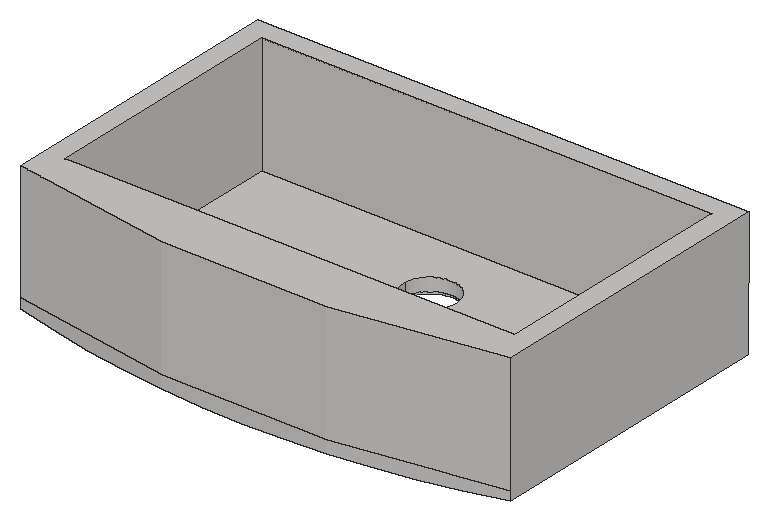
Revit family "xxSink-Single_Bowl-American_Standard-PEKOE-18SB.9332200A.075", category Plumbing Fixtures, Revit 2014
Parameters (values of type "18SB.9332200A.075")
  Width = 33"  # constant formula
  Waste Fitting 9028000.075 = yes
  Waste Connection Height = 3"
  Waste Connection Diameter = 1 1/2"  # constant formula
  Waste Connection = yes
  Warranty Information = "Limited Lifetime Warranty"  # constant formula
  Wall Distance = 1"
  WFU = 2  # constant formula
  Vent Connection = no
  Undermount Installation = not(Top Mount Installation)  # no
  URL = "https://www.americanstandard-us.com/"
  Top Mount Installation = yes
  Product Page URL = "https://www.americanstandard-us.com/kitchens/kitchen-sinks/pekoe-33x22-inch-stainless-steel-apron-sink-33067?variant=stainless-steel"
  Product Documentation Link = "https://www.americanstandard-us.com/-/media/sites/asus/files/product-specs/kitchen-sinks/2018/pekoe/specsheet-18sb9332200a.pdf?la=en"
  Price = "Prices may vary. Please consult Manufacturer Representative for most up-to-date price list."  # constant formula
  Placement Height = if(Top Mount Installation, 0", 3/4")  # 0"
  Model = "18SB.9332200A.075"  # constant formula
  Material = "Stainless Steel-American Standard-075-Satin"
  Manufacturer = "American Standard"  # constant formula
  Length = 22"  # constant formula
  Installation Type = if(Top Mount Installation, "Top Mount", "Undermount")  # "Top Mount"
  Hot Water Connection Width = Cold Water Connection Width  # 2"
  Hot Water Connection Height = Cold Water Connection Height  # 2"
  Hot Water Connection Diameter = Cold Water Connection Diameter  # 1/2"
  Height = 9"  # constant formula
  HWFU = 1.5  # constant formula
  HW Connection = yes
  Finish = Stainless Steel-American Standard-075-Satin
  Description = "Pekoe® 33 x 22 Single Bowl Apron Front Kitchen Sink 18 Gauge Stainless Steel"  # constant formula
  Default Elevation = 0"
  Cutout Width = if(Top Mount Installation, 33", 30 1/4")  # 33"
  Cutout Length = if(Top Mount Installation, 1 3/8", 0")  # 1 3/8"
  Creation Date = "2/01/2018"  # constant formula
  Cold Water Connection Width = 2"
  Cold Water Connection Height = 2"
  Cold Water Connection Diameter = 1/2"  # constant formula
  CWFU = 1.5  # constant formula
  CW Connection = yes
  Bowl Shape = "Rectangular Apron Front"  # constant formula
  Bottom Grid 7434000.075 = yes
  Assembly Code = "D2010410"
Reference planes (in)
  plane 1 "Center (Front/Back)": y = 0
  plane 2: z = 0
  plane 3 "Center (Left/Right)": x = 0
  plane 4: y = -1
  plane 5: y = -2.375
  plane 6 "waste center": y = -7.125
  plane 7: y = -18.9375
  plane 8: y = -23
  plane 9: x = -16.5
  plane 10: x = 16.5
  plane 11: x = 15.125
  plane 12: x = -15.125
  plane 13: z = 0
  plane 14: z = -8
  plane 15: z = -9
  plane 16: y = 46.0625
  plane 17: x = 0
  plane 18: z = 534.99609
  plane 19: z = -8.125
  plane 20: z = -11
  plane 21: z = -12
  plane 22: x = -2
  plane 23: x = 2
  plane 24: y = -0.03125
  plane 25: z = 0.83302
  plane 26: x = -1.75
Forms (in)
  Sweep 1, solid, material "Stainless Steel-American Standard-075-Satin" <- "Finish"
    path origin (-60.41868, -180, 0) x (-1, 0, 0) y (0, -1, 0)
      loop
        line (-43.91868, -161.0625) -> (-43.91868, -179) -> (-76.91868, -179) -> (-76.91868, -161.0625)
    profile origin (-16.5, -9.96875, 0) x (-1, 0, 0) y (0, 0, 1)
      loop
        line (0, 0) -> (-1.375, 0) -> (-1.375, -9) -> (0, -9) -> (0, 0)
  Extrusion 2, solid, material "Stainless Steel-American Standard-075-Satin" <- "Finish"
    sketch origin (-60.41868, -180, 0) x (-1, 0, 0) y (0, -1, 0)
      loop
        line (-76.91868, -161.0625) -> (-43.91868, -161.0625) -> (-43.91868, -159)
        arc (-43.91868, -159) -> (-60.41868, -157) -> (-76.91868, -159) r 69.0625
        line (-76.91868, -159) -> (-76.91868, -161.0625)
    from -9 to 0
  Extrusion 3, solid, material "Stainless Steel-American Standard-075-Satin" <- "Finish"
    sketch origin (-60.41868, -180, 0) x (-1, 0, 0) y (0, -1, 0)
      loop
        line (-43.91868, -179) -> (-43.91868, -159)
        arc (-43.91868, -159) -> (-60.41868, -157) -> (-76.91868, -159) r 69.0625
        line (-76.91868, -159) -> (-76.91868, -179) -> (-43.91868, -179)
      loop
        circle (-60.41868, -172.875) r 1.75
    from -9 to -8
  Extrusion 4, void
    sketch origin (0, 0, 0) x (1, 0, 0) y (0, 0, 1)
      loop
        arc (16.5, -8.62891) -> (0, -8.87925) -> (-16.5, -8.62891) r 543.87534
        line (-16.5, -8.62891) -> (-16.5, -9) -> (16.5, -9) -> (16.5, -8.62891)
    from 1 to 23
  Extrusion 5, solid, not visible
    sketch origin (0, 0, 0) x (1, 0, 0) y (0, 0, 1)
      loop
        circle (0, -12) r 0.75
    from 0 to 0.03125
  Extrusion 6, solid, not visible
    sketch origin (0, 0, 0) x (1, 0, 0) y (0, 0, 1)
      loop
        circle (-2, -11) r 0.25
    from 0 to 0.03125
  Extrusion 7, solid, not visible
    sketch origin (6, 0, 0) x (1, 0, 0) y (0, 0, 1)
      loop
        circle (-4, -11) r 0.25
    from 0 to 0.03125
  Extrusion 8, void
    sketch origin (-14.32573, -189.71897, -0.75) x (0, -1, 0) y (-1, 0, 0)
      loop
        line (-188.71897, 2.17427) -> (-188.71897, -30.82573) -> (-166.71897, -30.82573) -> (-166.71897, 2.17427) -> (-188.71897, 2.17427)
    from -1.58302 to 8.25
  Sweep 9, solid, material "Stainless Steel-American Standard-075-Satin" <- "Finish"
    path origin (-60.41868, -180, -9) x (-1, 0, 0) y (0, -1, 0)
      loop
        circle (-60.41868, -172.875) r 1.75
    profile origin (0, -5.375, -9) x (0, 1, 0) y (0, 0, 1)
      loop
        line (0, 0.17244) -> (0, 0) -> (0.29473, 0)
        arc (0.29473, 0) -> (0.31627, 0.00488) -> (0.3336, 0.01857) r 0.04997
        line (0.3336, 0.01857) -> (0.36265, 0.05452)
        arc (0.36265, 0.05452) -> (0.3709, 0.06928) -> (0.37375, 0.08594) r 0.05
        line (0.37375, 0.08594) -> (0.37375, 0.17244) -> (0, 0.17244)
Cuts and joins
  Extrusion 4 cuts Sweep 1
  Extrusion 4 cuts Extrusion 2
  Extrusion 4 cuts Extrusion 3
  joined: Sweep 1, Extrusion 2, Extrusion 3, Sweep 9
Lines and regions (in)
  Masking region 1
    outline origin (-60.41868, -180, 0) x (-1, 0, 0) y (0, -1, 0)
      loop
        line (-43.91868, -179) -> (-43.91868, -159)
        arc (-43.91868, -159) -> (-60.41868, -157) -> (-76.91868, -159) r 69.0625
        line (-76.91868, -159) -> (-76.91868, -179) -> (-43.91868, -179)
  symbolic lines, detail levels fine
    curve 1: circle (0, -7.125, 0) r 1.75 normal (0, 0, -1)
  symbolic lines, detail levels medium+fine
    curve 2: line (-14.7313, -2.375, -9) -> (14.7313, -2.375, -9)
    curve 3: line (-15.125, -18.5438, -9) -> (-15.125, -2.7687, -9)
    curve 4: line (14.7313, -18.9375, -9) -> (-14.7313, -18.9375, -9)
    curve 5: line (15.125, -2.7687, -9) -> (15.125, -18.5438, -9)
    curve 6: arc (-14.7313, -2.375, -9) -> (-15.00969, -2.49031, -9) -> (-15.125, -2.7687, -9) r 0.3937
    curve 7: arc (-15.125, -18.5438, -9) -> (-15.00969, -18.82219, -9) -> (-14.7313, -18.9375, -9) r 0.3937
    curve 8: arc (14.7313, -18.9375, -9) -> (15.00969, -18.82219, -9) -> (15.125, -18.5438, -9) r 0.3937
    curve 9: arc (15.125, -2.7687, -9) -> (15.00969, -2.49031, -9) -> (14.7313, -2.375, -9) r 0.3937
Dimensions and locks (in)
  locked: plane 6 "waste center" to plane 5 at 4.75
  locked: plane 7 to plane 5 at 16.5625
  "Length": plane 8 to plane 4
  locked: plane 12 to plane 11 at 30.25
  "Width": plane 9 to plane 10
  "Placement Height": level to plane 13
  locked: plane 13 to plane 14 at 8
  "Height": plane 13 to plane 15
  "Wall Distance": plane 4 to plane 1 "Center (Front/Back)"
  locked: plane 5 to plane 4 at 1.375
  equal spacing: plane 9, plane 3 "Center (Left/Right)", plane 10
  equal spacing: plane 23, plane 3 "Center (Left/Right)", plane 22
  "Cold Water Connection Height": plane 15 to plane 20
  "Waste Connection Height": plane 15 to plane 21
  "Cold Water Connection Width": plane 3 "Center (Left/Right)" to plane 22
  locked: plane 24 to plane 1 "Center (Front/Back)" at 0.03125
  locked: plane 25 to level at 0.83302
  locked: plane 19 to plane 15 at 0.875
  locked: plane 16 to plane 5 at 48.4375
  locked: plane 3 "Center (Left/Right)" to plane 26 at 1.75
  "Cutout Width": Extrusion 8 sketch curve to Extrusion 8 sketch curve
  equal spacing: Extrusion 8 sketch curve, plane 3 "Center (Left/Right)", Extrusion 8 sketch curve
  "Cutout Length": plane 5 to Extrusion 8 sketch curve
  aligned and locked: plane 9 to Sweep 1 sketch curve  (x2)
  aligned and locked: plane 4 to Sweep 1 sketch curve
  aligned and locked: Sweep 1 sketch curve to plane 10
  aligned and locked: plane 13 to Sweep 1 sketch curve
  aligned and locked: plane 12 to Sweep 1 sketch curve
  aligned and locked: Extrusion 2 sketch curve to plane 7
  aligned and locked: Extrusion 2 sketch curve to plane 9
  aligned and locked: Extrusion 2 sketch curve to plane 10
  aligned and locked: Extrusion 2 sketch curve to Extrusion 2 sketch curve
  aligned and locked: plane 13 to Extrusion 2
  aligned and locked: plane 3 "Center (Left/Right)" to Extrusion 2 sketch curve
  aligned and locked: plane 16 to Extrusion 2 sketch curve
  aligned and locked: Extrusion 2 to Sweep 1
  aligned and locked: plane 15 to Sweep 1 sketch curve
  aligned and locked: Extrusion 3 to plane 15
  aligned and locked: plane 14 to Extrusion 3
  aligned and locked: Extrusion 4 sketch curve to plane 10
  aligned and locked: Extrusion 4 sketch curve to plane 9
  aligned and locked: Extrusion 4 sketch curve to plane 15
  aligned and locked: plane 18 to Extrusion 4 sketch curve
  aligned and locked: plane 17 to Extrusion 4 sketch curve
  aligned and locked: plane 8 to Extrusion 4
  aligned and locked: plane 3 "Center (Left/Right)" to Extrusion 3 sketch curve
  aligned and locked: plane 6 "waste center" to Extrusion 3 sketch curve
  aligned and locked: Extrusion 4 to plane 4
  aligned and locked: plane 10 to Extrusion 2
  aligned and locked: plane 3 "Center (Left/Right)" to Extrusion 5 sketch curve
  aligned and locked: plane 21 to Extrusion 5 sketch curve
  aligned and locked: plane 22 to Extrusion 6 sketch curve
  aligned and locked: plane 20 to Extrusion 6 sketch curve
  aligned and locked: plane 23 to Extrusion 7 sketch curve
  aligned and locked: plane 20 to Extrusion 7 sketch curve
  aligned and locked: plane 24 to Extrusion 6
  aligned and locked: Extrusion 6 to Extrusion 5
  aligned and locked: Extrusion 5 to Extrusion 7
  aligned and locked: Extrusion 8 to plane 25
  aligned and locked: Extrusion 8 to plane 15
Automatic sketch dimensions
  plane 7 to Sweep 1 sketch curve = 0"  (x2)
  Extrusion 2 sketch curve to plane 8 = 2"
  plane 4 to Extrusion 3 sketch curve = 0"
  Extrusion 3 sketch curve to plane 10 = 0"
  Extrusion 3 sketch curve to plane 3 "Center (Left/Right)" = 0"
  Extrusion 3 sketch curve to plane 9 = 0"
  Extrusion 3 sketch curve to plane 1 "Center (Front/Back)" = 46 1/16"
  Extrusion 3 sketch curve to plane 8 = 2"
  Extrusion 4 sketch curve to Extrusion 4 sketch curve = 95/256"
  curve 1 to plane 3 "Center (Left/Right)" = 0"
  plane 6 "waste center" to curve 1 = 0"
  plane 4 to Masking region 1 sketch curve = 0"
  Masking region 1 sketch curve to plane 10 = 0"
  Masking region 1 sketch curve to plane 3 "Center (Left/Right)" = 0"
  Masking region 1 sketch curve to plane 9 = 0"
  Masking region 1 sketch curve to plane 1 "Center (Front/Back)" = 46 1/16"
  Masking region 1 sketch curve to plane 8 = 2"
  Sweep 9 sketch curve to plane 3 "Center (Left/Right)" = 0"
  plane 6 "waste center" to Sweep 9 sketch curve = 0"
  Sweep 9 sketch curve to plane 15 = 0"
  Sweep 9 sketch curve to profile plane = 0"
  Sweep 9 sketch curve to Sweep 9 sketch curve = 0.29473"
  Sweep 9 sketch curve to Sweep 9 sketch curve = 0.02902"
  plane 15 to Sweep 9 sketch curve = 0.01857"
  Sweep 9 sketch curve to Sweep 9 sketch curve = 0.03887"
  plane 15 to Sweep 9 sketch curve = 0.05452"
  Sweep 9 sketch curve to Sweep 9 sketch curve = 0.02904"
  Sweep 9 sketch curve to Sweep 9 sketch curve = 0.05"
  Sweep 9 sketch curve to Sweep 9 sketch curve = 0.0865"
  curve 5 to plane 11 = 0"
  plane 7 to curve 4 = 0"
  plane 5 to curve 9 = 0"
  curve 3 to plane 12 = 0"
  curve 4 to plane 11 = 0.3937"
  curve 2 to plane 11 = 0.3937"
  curve 7 to curve 3 = 0.3937"
  curve 6 to plane 6 "waste center" = 4.3563"
  plane 8 to Extrusion 8 sketch curve = 0"
  radius of Extrusion 5 sketch curve = 3/4"
  radius of Extrusion 6 sketch curve = 1/4"
  radius of Extrusion 7 sketch curve = 1/4"
  radius of Extrusion 3 sketch curve = 1 3/4"
  radius of curve 1 = 1 3/4"
  radius of Sweep 9 sketch curve = 1 3/4"
Connectors (in)
  piping at (2, 0, -11), diameter 0.5, driven by "Cold Water Connection Diameter", driven by "CWFU"
    settings: on Extrusion 7, index 1, connector inside diameter 24", connector length 0", flow factor 0, pipe flow 0 GPM, pressure drop 0.00 psi, fitting loss kfactor 0, connector angle 0.00°, fixture units 1.5, engagement length 0", angle of deflection 0.00°, flow configuration 3, flow direction 1, fitting loss method 0, system type 20, joint type 0, gender type 0, connector reference index -1, connector utility 0, adjustable connector no, is connector primary yes, connector description "1/2\" CW Inlet Supply"
  piping at (-2, 0, -11), diameter 0.5, driven by "Hot Water Connection Diameter", driven by "HWFU"
    settings: on Extrusion 6, index 2, connector inside diameter 24", connector length 0", flow factor 0, pipe flow 0 GPM, pressure drop 0.00 psi, fitting loss kfactor 0, connector angle 0.00°, fixture units 1.5, engagement length 0", angle of deflection 0.00°, flow configuration 3, flow direction 1, fitting loss method 0, system type 19, joint type 0, gender type 0, connector reference index -1, connector utility 0, adjustable connector no, is connector primary no, connector description "1/2\" HW Inlet Supply"
  piping at (0, 0, -12), diameter 1.5, driven by "Waste Connection Diameter", driven by "WFU"
    settings: on Extrusion 5, index 3, connector inside diameter 24", connector length 0", flow factor 0, pipe flow 0 GPM, pressure drop 0.00 psi, fitting loss kfactor 0, connector angle 0.00°, fixture units 2, engagement length 0", angle of deflection 0.00°, flow configuration 3, flow direction 2, fitting loss method 0, system type 16, joint type 0, gender type 0, connector reference index -1, connector utility 0, adjustable connector yes, is connector primary no, connector description "1 1/2\" Waste Outlet"
